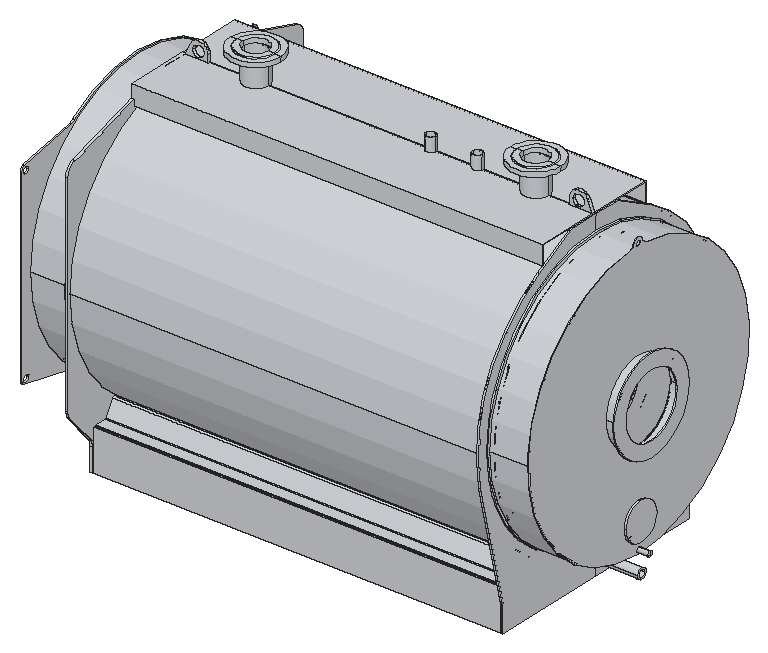
Revit family "BIMON_Котел_Водогрейный_TEMRON_WL800", category Оборудование, Revit 2019
Family settings
  Размер круглого соединителя = Использовать диаметр
  Классификация = Нет
  Тип детали = Нормальный
  На основе рабочей плоскости = Нет
  Всегда вертикально = Да
  При загрузке вырезать с полостями = Нет
  Общий = Нет
  Точка расчета площади = Нет
Parameters
  УГО_Резмер [instance] = 0 mm
  УГО [instance] = yes
  Разработчик_Сайт = "https://www.bimon.ru/"
  Разработчик = "BIMON"  # constant formula
  Изготовитель = "Temron"  # constant formula
  URL = "https://temron.ru/catalog/temron-wl/main-wl/"
  TERMON_Расход уходящих газов = "1285 кг/ч"
  TEMRON_Теплопроизводительность = "0.8 МВт/0.687 (Гкал/ч)"
  TEMRON_Температура уходящих газов = "180-185 /185-190 °С"
  TEMRON_Температура на выходе из котла = "110 °С"
  TEMRON_Температура на входе в котёл = "60 °С"
  TEMRON_Сопротивление газового тракта = "7 мбар"
  TEMRON_Расход топлива для природного газа = "88 м³/ч"
  TEMRON_Расход воды через котел = "24.7 м³/ч"
  TEMRON_Номинальная производительность = "0.8 МВт"
  TEMRON_Максимальное рабочее давление = "0.6 МПа"
  TEMRON_Максимальная температура пара = 110 mm
  TEMRON_КПД = "92.2 %"
  TEMRON_Водяной объём котла = "0.8 м³"
  D5_Уходящие газы = 350 mm  # constant formula
  D4_Дренажный патрубок газового котла = 15 mm  # constant formula
  D3_Дренажный патрубок = 32 mm  # constant formula
  D2_Аварийная линия = 32 mm  # constant formula
  D1_Выход теплоносителя = 100 mm  # constant formula
  D1_Вход теплоносителя = 100 mm  # constant formula
  ADSK_Этаж [instance] = ""
  ADSK_Расход жидкости [instance] = 0.0 L/s
  ADSK_Расход воздуха [instance] = 0.0 L/s
  ADSK_Примечание [instance] = ""
  ADSK_Позиция [instance] = ""
  ADSK_Обозначение = ADSK_Марка  # "WL 800"
  ADSK_Наименование краткое [instance] = "Котел низкого давления"
  ADSK_Наименование = "Водогрейный котел низкого давления"
  ADSK_Материал = none
  ADSK_Масса_Текст = "1403"
  ADSK_Масса = 1403  # constant formula
  ADSK_Марка = "WL 800"  # constant formula
  ADSK_Количество = 1  # constant formula
  ADSK_Код изделия = ""
  ADSK_Завод-изготовитель = "Temron"  # constant formula
  ADSK_Единица измерения = "шт"  # constant formula
  ADSK_URL страницы изделия = "https://temron.ru/catalog/temron-wl/vodogreynye-kotly-nizkogo-davleniya-temron-wl-800/"
Reference planes
  plane 1 "По центру (Вперед/Назад)": y = 0
  plane 2: z = 0
  plane 3 "По центру (Влево/Вправо)": x = 0
  plane 4: z = 1318.288
  plane 5: z = 1311
  plane 6: z = 1390
  plane 7: z = 1392
  plane 8: z = 1318.288
  plane 9: z = 740
  plane 10: z = 740
  plane 11: z = 740
  plane 12: z = 740
  plane 13: z = 740
  plane 14: x = -375
  plane 15: z = 740
Forms (mm)
  Extrusion 1, solid, detail levels fine
    sketch origin (0, 0, -310) x (0, 1, 0) y (0, 0, 1)
      loop
        circle (0, 1050) r 582.5
      loop
        circle (0, 1050) r 565
    from -1250 to 500
  Extrusion 2, solid, detail levels fine
    sketch origin (-1260, 1234.069, 890) x (0, 1, 0) y (0, 0, 1)
      loop
        circle (-1236.366, -150) r 621
      loop
        circle (-1236.366, -150) r 621.5
    from 0 to -10
  Extrusion 3, solid, detail levels fine
    sketch origin (-1260, 1234.069, 890) x (0, 1, 0) y (0, 0, 1)
      loop
        circle (-1234.069, -150) r 621
      loop
        circle (-1234.069, -150) r 140
    from 0 to -1
  Extrusion 4, solid, detail levels fine
    sketch origin (508.214, 1168.888, 890) x (0, 1, 0) y (0, 0, 1)
      loop
        circle (-1168.888, -150) r 565
      loop
        circle (-1168.888, -150) r 590
    from 0 to 10
  Extrusion 5, solid, detail levels fine
    sketch origin (508, 1168.888, 890) x (0, 1, 0) y (0, 0, 1)
      loop
        circle (-1168.888, -150) r 565
      loop
        circle (-1168.888, -150) r 175
    from 0 to 10
  Extrusion 6, solid, detail levels fine
    sketch origin (510, -3521.357, 2134.673) x (0, 1, 0) y (0, 0, 1)
      loop
        line (3521.357, -744.674) -> (3521.357, -804.673)
        arc (3521.357, -804.673) -> (4111.357, -1394.673) -> (3521.357, -1984.673) r 590
        line (3521.357, -1984.673) -> (3521.357, -2029.673)
        arc (3521.357, -2029.673) -> (3546.357, -2054.673) -> (3521.357, -2079.673) r 25
        line (3521.357, -2079.673) -> (3521.357, -2134.673) -> (4021.357, -2134.673) -> (4021.357, -2034.673)
        arc (4021.357, -2034.673) -> (4021.652, -2029.254) -> (4022.532, -2023.898) r 50
        line (4022.532, -2023.898) -> (4136.554, -1530.442)
        arc (4136.554, -1530.442) -> (4094.512, -1133.151) -> (3821.984, -841.028) r 630
        line (3821.984, -841.028) -> (3655.695, -750.733)
        arc (3655.695, -750.733) -> (3644.144, -746.212) -> (3631.835, -744.673) r 50
        line (3631.835, -744.673) -> (3521.357, -744.674)
    from -2 to -10
  Extrusion 7, solid, detail levels fine
    sketch origin (-1260, 1234.069, 1265) x (0, 1, 0) y (0, 0, 1)
      loop
        line (-798.069, -1265) -> (-734.069, -1265) -> (-734.069, -1090) -> (-798.069, -1090) -> (-798.069, -1096) -> (-747.574, -1096)
        arc (-747.574, -1096) -> (-741.564, -1098.49) -> (-739.069, -1104.5) r 8.5
        line (-739.069, -1104.5) -> (-739.069, -1248.1)
        arc (-739.069, -1248.1) -> (-741.559, -1254.11) -> (-747.569, -1256.6) r 8.5
        line (-747.569, -1256.6) -> (-798.069, -1256.6) -> (-798.069, -1265)
      loop
        line (-1670.069, -1265) -> (-1670.069, -1256.6) -> (-1720.569, -1256.6)
        arc (-1720.569, -1256.6) -> (-1726.579, -1254.11) -> (-1729.069, -1248.1) r 8.5
        line (-1729.069, -1248.1) -> (-1729.069, -1104.5)
        arc (-1729.069, -1104.5) -> (-1726.574, -1098.49) -> (-1720.564, -1096) r 8.5
        line (-1720.564, -1096) -> (-1670.069, -1096) -> (-1670.069, -1090) -> (-1734.069, -1090) -> (-1734.069, -1265) -> (-1670.069, -1265)
    from 10 to 1760
  Sweep 8, solid, detail levels fine
    path origin (-240, 0, -374.979) x (1, 0, 0) y (0, 0, 1)
      loop
        line (600, 579.979) -> (600, 529.979)
        arc (600, 529.979) -> (621.967, 476.946) -> (675, 454.979) r 75
        line (675, 454.979) -> (945, 454.979)
    profile origin (360, 0, 180) x (0, -1, 0) y (1, 0, 0)
      loop
        circle (0, 0) r 21
      loop
        circle (0, 0) r 18
  Extrusion 9, solid, detail levels fine
    sketch origin (-1260, 1234.069, 890) x (0, 1, 0) y (0, 0, 1)
      loop
        circle (-1236.366, -150) r 621.5
      loop
        circle (-1236.366, -150) r 621
    from 0 to 1760
  Extrusion 10, solid, detail levels fine
    sketch origin (-1260, 1234.069, 646) x (0, 1, 0) y (0, 0, 1)
      loop
        line (-957.069, 665) -> (-957.069, 746) -> (-1233.069, 746) -> (-1233.069, 730) -> (-1231.069, 730) -> (-1231.069, 744) -> (-959.069, 744) -> (-959.069, 665) -> (-957.069, 665)
      loop
        line (-1237.065, 730) -> (-1235.065, 730) -> (-1235.065, 746) -> (-1511.069, 746) -> (-1511.069, 665) -> (-1509.069, 665) -> (-1509.069, 744) -> (-1237.065, 744) -> (-1237.065, 730)
    from 1760 to 0
  Extrusion 11, solid, detail levels fine
    sketch origin (-1260, 1234.069, 1265) x (0, 1, 0) y (0, 0, 1)
      loop
        line (-745.069, -1087) -> (-800.069, -1087)
        arc (-800.069, -1087) -> (-802.569, -1086.33) -> (-804.399, -1084.5) r 5
        line (-804.399, -1084.5) -> (-839.438, -1023.811)
        arc (-839.438, -1023.811) -> (-844.306, -1020.088) -> (-850.38, -1020.902) r 8
        line (-850.38, -1020.902) -> (-885.002, -1040.891) -> (-883.502, -1043.489) -> (-848.861, -1023.489)
        arc (-848.861, -1023.489) -> (-845.067, -1022.99) -> (-842.031, -1025.32) r 5
        line (-842.031, -1025.32) -> (-806.989, -1086)
        arc (-806.989, -1086) -> (-804.061, -1088.928) -> (-800.061, -1090) r 8
        line (-800.061, -1090) -> (-745.069, -1090) -> (-745.069, -1087)
      loop
        line (-1723.069, -1087) -> (-1723.069, -1090) -> (-1668.077, -1090)
        arc (-1668.077, -1090) -> (-1664.077, -1088.928) -> (-1661.149, -1086) r 8
        line (-1661.149, -1086) -> (-1626.107, -1025.32)
        arc (-1626.107, -1025.32) -> (-1623.071, -1022.99) -> (-1619.277, -1023.489) r 5
        line (-1619.277, -1023.489) -> (-1584.636, -1043.489) -> (-1583.136, -1040.891) -> (-1617.758, -1020.902)
        arc (-1617.758, -1020.902) -> (-1623.832, -1020.088) -> (-1628.7, -1023.811) r 8
        line (-1628.7, -1023.811) -> (-1663.739, -1084.5)
        arc (-1663.739, -1084.5) -> (-1665.569, -1086.33) -> (-1668.069, -1087) r 5
        line (-1668.069, -1087) -> (-1723.069, -1087)
    from 10 to 1760
  Revolve 12, solid, detail levels fine
    sketch origin (-240, 0, -310) x (1, 0, 0) y (0, 0, 1)
      loop
        line (-1021, 700) -> (-1021, 692) -> (463.215, 692) -> (486, 692)
        spline (486, 692) -> (510.878, 695.26) -> (535.07, 704.874) -> (558.074, 720.482) -> (579.547, 741.654) -> (599.236, 767.959) -> (616.899, 798.937) -> (632.306, 834.068) -> (645.24, 872.782) -> (655.512, 914.439) -> (662.966, 958.351) -> (667.485, 1003.79) -> (669, 1050)
        line (669, 1050) -> (661, 1050)
        spline (661, 1050) -> (659.503, 1004.316) -> (655.037, 959.413) -> (647.679, 916.061) -> (637.554, 875) -> (624.837, 836.933) -> (609.744, 802.513) -> (592.533, 772.326) -> (573.5, 746.891) -> (552.97, 726.642) -> (531.293, 711.926) -> (508.842, 702.994) -> (486, 700)
        line (486, 700) -> (-1021, 700)
      axis (-1021, 1050) -> (669, 1050)
    angle from 0 to 360
  Revolve 13, solid, detail levels fine
    sketch origin (0, 0, -310) x (1, 0, 0) y (0, 0, 1)
      loop
        line (518, 1341) -> (343, 1341) -> (359.206, 1309) -> (518, 1309) -> (518, 1327.442) -> (518, 1341)
      axis (343, 1050) -> (518, 1050)
    angle from 0 to 360
  Extrusion 14, solid, detail levels fine
    sketch origin (-4343.688, -1524, 847) x (-1, 0, 0) y (0, -1, 0)
      loop
        circle (-4143.688, -1524) r 19.45
      loop
        circle (-4143.688, -1524) r 20.95
    from 448 to 600
  Extrusion 15, void
    sketch origin (-1475.315, -1524, 1384.386) x (0, -1, 0) y (-1, 0, 0)
      loop
        circle (-1524, -1715.315) r 22.5
    from -152.304 to 89.386
  Revolve 16, solid, detail levels fine
    sketch origin (0, 0, -310) x (1, 0, 0) y (0, 0, 1)
      loop
        line (544.575, 1238.5) -> (398.657, 1238.5) -> (398.657, 1050) -> (406.657, 1050) -> (406.657, 1229.503) -> (544.575, 1229.503) -> (544.575, 1238.5)
      axis (544.575, 1050) -> (398.657, 1050)
    angle from 0 to 360
  Extrusion 17, solid, detail levels fine
    sketch origin (-1160, 0, 1546.988) x (1, 0, 0) y (0, 0, -1)
      loop
        line (-90, 235.988) -> (-90, 160.988) -> (-66.374, 109.347)
        arc (-66.374, 109.347) -> (-21.484, 86.905) -> (10, 125.988) r 40
        line (10, 125.988) -> (10, 235.988) -> (-90, 235.988)
      loop
        circle (-30, 125.988) r 25
    from -5 to 5
  Extrusion 18, solid, detail levels fine
    sketch origin (-1570, 0, 740) x (0, 1, 0) y (0, 0, 1)
      loop
        circle (0, 0) r 582.5
      loop
        circle (0, 0) r 588.5
    from 123 to 300
  Revolve 19, solid, detail levels fine
    sketch origin (-1570, 0, 740) x (1, 0, 0) y (0, 0, 1)
      loop
        line (300, -582.499) -> (300, -552.499) -> (239.893, -552.499) -> (126, -552.499)
        arc (126, -552.499) -> (123.879, -553.378) -> (123, -555.499) r 3
        line (123, -555.499) -> (123, -582.499) -> (300, -582.499)
      axis (123, 0) -> (300, 0)
    angle from 0 to 360
  Extrusion 20, solid, detail levels fine
    sketch origin (-1447, 0, 740) x (0, 1, 0) y (0, 0, 1)
      loop
        arc (365.527, 469.26) -> (355.4, 472.478) -> (346.182, 477.763) r 50
        arc (346.182, 477.763) -> (0, 589.999) -> (-346.182, 477.763) r 589.999
        arc (-346.182, 477.763) -> (-355.4, 472.478) -> (-365.527, 469.26) r 50
        line (-365.527, 469.26) -> (-613.997, 419.597)
        arc (-613.997, 419.597) -> (-625.491, 412.65) -> (-630, 400) r 20
        line (-630, 400) -> (-630, -400)
        arc (-630, -400) -> (-625.491, -412.65) -> (-613.997, -419.597) r 20
        line (-613.997, -419.597) -> (-365.527, -469.26)
        arc (-365.527, -469.26) -> (-355.4, -472.477) -> (-346.182, -477.762) r 50
        arc (-346.182, -477.762) -> (0, -589.999) -> (346.182, -477.762) r 589.999
        arc (346.182, -477.762) -> (355.4, -472.477) -> (365.527, -469.26) r 50
        line (365.527, -469.26) -> (613.997, -419.597)
        arc (613.997, -419.597) -> (625.491, -412.65) -> (630, -400) r 20
        line (630, -400) -> (630, 400.699)
        arc (630, 400.699) -> (625.28, 412.919) -> (614.01, 419.597) r 20
        line (614.01, 419.597) -> (365.527, 469.26)
      loop
        circle (610.012, 400) r 16
      loop
        circle (610, -400) r 16
      loop
        circle (-610, -400) r 16
      loop
        circle (-610, 400) r 16
      loop
        circle (-0.5, 0) r 140
    from 0 to -8
  Extrusion 21, solid, detail levels fine
    sketch origin (-1165.3, -1524, 1773.003) x (0, 0, 1) y (0, -1, 0)
      loop
        circle (-1033.003, -1524) r 175
      loop
        circle (-1033.003, -1524) r 200
    from -297.736 to -289.7
  Extrusion 22, solid, detail levels fine
    sketch origin (-1173.336, -1524, 1773.003) x (0, 0, 1) y (0, -1, 0)
      loop
        circle (-1033.003, -1523.5) r 200
    from -299.664 to -289.7
  Extrusion 23, solid, detail levels fine
    sketch origin (775, 0, 739.999) x (0, -1, 0) y (0, 0, 1)
      loop
        circle (0, 0) r 582.5
      loop
        circle (0, 0) r 585.5
    from 88 to 252
  Revolve 24, solid, detail levels fine
    sketch origin (1285, 0, 740) x (-1, 0, 0) y (0, 0, 1)
      loop
        line (749, -582.501) -> (749, -555.501)
        arc (749, -555.501) -> (749.293, -554.794) -> (750, -554.501) r 1
        line (750, -554.501) -> (762, -554.501) -> (762, -552.501) -> (750, -552.501)
        arc (750, -552.501) -> (747.879, -553.379) -> (747, -555.501) r 3
        line (747, -555.501) -> (747, -582.501) -> (749, -582.501)
      axis (747, 0) -> (762, 0)
    angle from 0 to 360
  Extrusion 25, solid, detail levels fine
    sketch origin (687, 0, 740) x (0, -1, 0) y (0, 0, 1)
      loop
        arc (-24.651, 602.59) -> (-32.65, 592.903) -> (-44.352, 588.331) r 25
        arc (-44.352, 588.331) -> (0, -590) -> (44.352, 588.331) r 590
        arc (44.352, 588.331) -> (32.65, 592.903) -> (24.651, 602.59) r 25
        line (24.651, 602.59) -> (20.392, 611.723)
        arc (20.392, 611.723) -> (0, 624.714) -> (-20.392, 611.723) r 22.5
        line (-20.392, 611.723) -> (-24.651, 602.59)
      loop
        circle (0, 602.214) r 12.5
      loop
        circle (0, 0) r 175
      loop
        circle (0, -460) r 65
    from 0 to -3
  Extrusion 26, solid, detail levels fine
    sketch origin (687, 0, 740) x (0, -1, 0) y (0, 0, 1)
      loop
        circle (0, 0) r 172
      loop
        circle (0, 0) r 175
    from -3 to -53
  Extrusion 27, solid, detail levels fine
    sketch origin (687, 0, 740) x (0, -1, 0) y (0, 0, 1)
      loop
        circle (0, 0) r 200
      loop
        circle (0, 0) r 140
    from -59 to -53
  Revolve 28, solid, detail levels fine
    sketch origin (1285, 0, 740) x (-1, 0, 0) y (0, 0, 1)
      loop
        line (766.786, -552.501) -> (766.786, -582.501) -> (777.124, -582.501) -> (777.124, -552.501) -> (766.786, -552.501)
      axis (766.786, 0) -> (777.124, 0)
    angle from 0 to 360
  Extrusion 29, solid, detail levels fine
    sketch origin (410, 0, 1546.988) x (-1, 0, 0) y (0, 0, 1)
      loop
        line (-90, -235.988) -> (10, -235.988) -> (10, -125.988)
        arc (10, -125.988) -> (-21.484, -86.905) -> (-66.374, -109.347) r 40
        line (-66.374, -109.347) -> (-90, -160.988) -> (-90, -235.988)
      loop
        circle (-30, -125.988) r 25
    from -5 to 5
  Extrusion 30, solid, detail levels fine
    sketch origin (-950, 0, 1295) x (1, 0, 0) y (0, 1, 0)
      loop
        circle (0, 0) r 50
      loop
        circle (0, 0) r 54
    from 0 to 211.37
  Revolve 31, solid, detail levels fine
    sketch origin (-950, 0, 1311.63) x (1, 0, 0) y (0, 0, 1)
      loop
        line (-54, 190.37) -> (-54, 212.37) -> (-78.906, 212.37) -> (-81.906, 209.37) -> (-107.5, 209.37) -> (-107.5, 190.37) -> (-54, 190.37)
      axis (0, 212.37) -> (0, 190.37)
    angle from 0 to 360
  Extrusion 32, solid, detail levels fine
    sketch origin (-1260, 1234.069, 890) x (0, 1, 0) y (0, 0, 1)
      loop
        line (-1234.069, -890) -> (-1234.069, -740)
        arc (-1234.069, -740) -> (-1824.069, -149.894) -> (-1233.856, 440) r 590
        line (-1233.856, 440) -> (-1233.856, 500) -> (-1333.856, 500)
        arc (-1333.856, 500) -> (-1339.621, 499.667) -> (-1345.308, 498.671) r 50
        line (-1345.308, 498.671) -> (-1825.308, 348.671)
        arc (-1825.308, 348.671) -> (-1853.052, 331.043) -> (-1863.856, 300) r 50
        line (-1863.856, 300) -> (-1863.856, -600)
        arc (-1863.856, -600) -> (-1861.29, -615.811) -> (-1853.857, -629.999) r 50
        line (-1853.857, -629.999) -> (-1743.855, -760.009)
        arc (-1743.855, -760.009) -> (-1736.422, -774.197) -> (-1733.856, -790.008) r 50
        line (-1733.856, -790.008) -> (-1733.856, -890) -> (-1234.069, -890)
    from 0 to 10
  Extrusion 33, solid, detail levels fine
    sketch origin (510, 3521.357, 2134.673) x (0, -1, 0) y (0, 0, -1)
      loop
        line (3521.357, 744.674) -> (3631.835, 744.673)
        arc (3631.835, 744.673) -> (3644.144, 746.212) -> (3655.695, 750.733) r 50
        line (3655.695, 750.733) -> (3821.984, 841.028)
        arc (3821.984, 841.028) -> (4094.512, 1133.151) -> (4136.554, 1530.442) r 630
        line (4136.554, 1530.442) -> (4022.532, 2023.898)
        arc (4022.532, 2023.898) -> (4021.652, 2029.254) -> (4021.357, 2034.673) r 50
        line (4021.357, 2034.673) -> (4021.357, 2134.673) -> (3521.357, 2134.673) -> (3521.357, 2079.673)
        arc (3521.357, 2079.673) -> (3546.357, 2054.673) -> (3521.357, 2029.673) r 25
        line (3521.357, 2029.673) -> (3521.357, 1984.673)
        arc (3521.357, 1984.673) -> (4111.357, 1394.673) -> (3521.357, 804.673) r 590
        line (3521.357, 804.673) -> (3521.357, 744.674)
    from -2 to -10
  Extrusion 34, solid, detail levels fine
    sketch origin (-1260, -1234.069, 890) x (0, -1, 0) y (0, 0, -1)
      loop
        line (-1234.069, 890) -> (-1733.856, 890) -> (-1733.856, 790.008)
        arc (-1733.856, 790.008) -> (-1736.422, 774.197) -> (-1743.855, 760.009) r 50
        line (-1743.855, 760.009) -> (-1853.857, 629.999)
        arc (-1853.857, 629.999) -> (-1861.29, 615.811) -> (-1863.856, 600) r 50
        line (-1863.856, 600) -> (-1863.856, -300)
        arc (-1863.856, -300) -> (-1853.052, -331.043) -> (-1825.308, -348.671) r 50
        line (-1825.308, -348.671) -> (-1345.308, -498.671)
        arc (-1345.308, -498.671) -> (-1339.621, -499.667) -> (-1333.856, -500) r 50
        line (-1333.856, -500) -> (-1233.856, -500) -> (-1233.856, -440)
        arc (-1233.856, -440) -> (-1824.069, 149.894) -> (-1234.069, 740) r 590
        line (-1234.069, 740) -> (-1234.069, 890)
    from 0 to 10
  Extrusion 35, solid, detail levels fine
    sketch origin (690, 0, 740) x (0, 1, 0) y (0, 0, 1)
      loop
        circle (0, -460) r 80
      loop
        circle (0, -387.5) r 4.75
      loop
        circle (62.787, -496.25) r 4.75
      loop
        circle (-62.787, -496.25) r 4.75
    from 0 to 13
  Extrusion 36, solid, detail levels fine
    sketch origin (250, 0, 1295) x (1, 0, 0) y (0, 1, 0)
      loop
        circle (0, 0) r 50
      loop
        circle (0, 0) r 54
    from 0 to 211.37
  Revolve 37, solid, detail levels fine
    sketch origin (250, 0, 1311.63) x (1, 0, 0) y (0, 0, 1)
      loop
        line (-54, 190.37) -> (-54, 212.37) -> (-78.906, 212.37) -> (-81.906, 209.37) -> (-107.5, 209.37) -> (-107.5, 190.37) -> (-54, 190.37)
      axis (0, 212.37) -> (0, 190.37)
    angle from 0 to 360
  Extrusion 38, solid, detail levels fine
    sketch origin (-4143.688, -1524, 847) x (-1, 0, 0) y (0, -1, 0)
      loop
        circle (-4143.688, -1524) r 19.45
      loop
        circle (-4143.688, -1524) r 20.95
    from 448 to 600
  Sweep 39, solid, detail levels fine
    path origin (4.937, 0, 267.37) x (0.96527, 0, 0.261254) y (-0.261254, 0, 0.96527)
      loop
        line (-1191.542, 1169.05) -> (-1234.684, 1193.958)
    profile origin (-1474.717, 0, 1090.909) x (-0.256382, 0, -0.966575) y (0, -1, 0)
      loop
        circle (0, 0.103) r 17
  Sweep 40, solid, detail levels fine
    path origin (23.384, 0, 262.477) x (0.96527, 0, 0.261254) y (-0.261254, 0, 0.96527)
      loop
        line (-1251.212, 1203.5) -> (-1265.068, 1211.5)
    profile origin (-1506.525, 0, 1099.346) x (-0.256382, 0, -0.966575) y (0, -1, 0)
      loop
        circle (0, 0) r 20
  Revolve 41, solid, detail levels fine
    sketch origin (-1301.916, 0, 740) x (1, 0, 0) y (0, 0, 1)
      loop
        line (-145.084, 140) -> (31.916, 140) -> (31.916, 582.499) -> (-145.084, 582.499) -> (-145.084, 140)
      axis (31.916, 0) -> (-145.084, 0)
    angle from 0 to 360
  Revolve 42, solid
    sketch origin (-86, 0, -1.821) x (1, 0, 0) y (0, 0, 1)
      loop
        line (776, 169.32) -> (826, 169.32) -> (826, 179.32) -> (776, 179.32) -> (776, 169.32)
      axis (776, 169.32) -> (826, 169.32)
    angle from 0 to 360
Cuts and joins
  Extrusion 15 cuts Extrusion 10
Lines and regions (mm)
  model lines, detail levels coarse+medium
    curve 1: line (-1571.463, 0, 1940) -> (828.537, 0, 1940)
    curve 2: line (-1571.463, 0, -460) -> (-1571.463, 0, 1940)
    curve 3: line (828.537, 0, -460) -> (-1571.463, 0, -460)
    curve 4: line (828.537, 0, 1940) -> (828.537, 0, -460)
Dimensions and locks
  plane 9 to level = 740 mm
  plane 11 to level = 740 mm
  plane 12 to level = 740 mm
  plane 13 to level = 740 mm
  Revolve 41 sketch curve to Revolve 41 sketch curve = 140 mm
  Revolve 41 sketch curve to Revolve 41 sketch curve = 582.499 mm
  diameter of Extrusion 1 sketch curve = 1165 mm
  diameter of Extrusion 1 sketch curve = 1130 mm
  diameter of Extrusion 4 sketch curve = 1130 mm
  diameter of Extrusion 23 sketch curve = 1165 mm
  aligned and locked: level to plane 2
  aligned and locked: Extrusion 7 to Extrusion 1
  aligned and locked: Extrusion 1 to Extrusion 7
Nested families
  nested 1: "Надпись_Temron_крышка_WL800" at (-1455, -321, 1045) x (0, -1, 0) z (1, 0, 0), type "Надпись_Temron_крышка_WL800", detail levels fine
  nested 2: "Надпись_Temron_бак_WL800" at (-375, -0.5, 740) x (-1, 0, 0) z (0, 0, 1), type "Надпись_Temron_бак_WL800", detail levels fine
  nested 3: "УГО_Котел_Разрез" at (-375, 0, 0), visible <- "УГО", type "УГО_Котел_Разрез", detail levels coarse+medium
    with H 2400 mm
Connectors
  piping at (740, 0, 167.499), diameter 15, driven by "D4_Дренажный патрубок газового котла"
    settings: on Revolve 42, index 11, connector inside diameter 609.6 mm, connector length 0 mm, flow factor 0, pipe flow 0.0 L/s, pressure drop 0.0 Pa, fitting loss kfactor 0, connector angle 0.00°, fixture units 0, engagement length 0 mm, angle of deflection 0.00°, flow configuration 1, flow direction 1, fitting loss method 0, system type 29, joint type 0, gender type 0, connector reference index -1, connector utility 0, adjustable connector no, is connector primary yes, connector description ""
  piping at (-950, 0, 1506.37), diameter 100, driven by "D1_Выход теплоносителя"
    settings: on Extrusion 30, index 12, connector inside diameter 609.6 mm, connector length 0 mm, flow factor 0, pipe flow 0.0 L/s, pressure drop 0.0 Pa, fitting loss kfactor 0, connector angle 0.00°, fixture units 0, engagement length 0 mm, angle of deflection 0.00°, flow configuration 0, flow direction 0, fitting loss method 0, system type 29, joint type 0, gender type 0, connector reference index -1, connector utility 0, adjustable connector no, is connector primary no, connector description ""
  piping at (-200, 0, 1447), diameter 32, driven by "D2_Аварийная линия"
    settings: on Extrusion 14, index 13, connector inside diameter 609.6 mm, connector length 0 mm, flow factor 0, pipe flow 0.0 L/s, pressure drop 0.0 Pa, fitting loss kfactor 0, connector angle 0.00°, fixture units 0, engagement length 0 mm, angle of deflection 0.00°, flow configuration 0, flow direction 0, fitting loss method 0, system type 29, joint type 0, gender type 0, connector reference index -1, connector utility 0, adjustable connector no, is connector primary no, connector description ""
  piping at (0, 0, 1447), diameter 32, driven by "D2_Аварийная линия"
    settings: on Extrusion 38, index 14, connector inside diameter 609.6 mm, connector length 0 mm, flow factor 0, pipe flow 0.0 L/s, pressure drop 0.0 Pa, fitting loss kfactor 0, connector angle 0.00°, fixture units 0, engagement length 0 mm, angle of deflection 0.00°, flow configuration 0, flow direction 0, fitting loss method 0, system type 29, joint type 0, gender type 0, connector reference index -1, connector utility 0, adjustable connector no, is connector primary no, connector description ""
  piping at (250, 0, 1506.37), diameter 100, driven by "D1_Вход теплоносителя"
    settings: on Extrusion 36, index 15, connector inside diameter 609.6 mm, connector length 0 mm, flow factor 0, pipe flow 0.0 L/s, pressure drop 0.0 Pa, fitting loss kfactor 0, connector angle 0.00°, fixture units 0, engagement length 0 mm, angle of deflection 0.00°, flow configuration 0, flow direction 0, fitting loss method 0, system type 29, joint type 0, gender type 0, connector reference index -1, connector utility 0, adjustable connector no, is connector primary no, connector description ""
  piping at (705, 0, 80), diameter 32, driven by "D3_Дренажный патрубок"
    settings: on Sweep 8, index 16, connector inside diameter 609.6 mm, connector length 0 mm, flow factor 0, pipe flow 0.0 L/s, pressure drop 0.0 Pa, fitting loss kfactor 0, connector angle 0.00°, fixture units 0, engagement length 0 mm, angle of deflection 0.00°, flow configuration 1, flow direction 1, fitting loss method 0, system type 29, joint type 0, gender type 0, connector reference index -1, connector utility 0, adjustable connector no, is connector primary no, connector description ""
  hvac at (746, 0, 740), driven by "D5_Уходящие газы"
    settings: on Extrusion 27, index 17, duct flow 0.0 L/s, flow factor 0, pres drop 0.0 Pa, loss coef 0, conn angle 0.00°, conn width 304.8 mm, conn height 304.8 mm, conn diameter 350 mm, duct sys type 29, conn prof type 0, flow config 1, flow direction 2, loss method 0, conn ref index -1, conn util no, is conn primary yes, conn desc ""
Definition of nested family "Надпись_Temron_крышка_WL800"
  Parameters (values of type "Надпись_Temron_крышка_WL500")
    Default Elevation = 1219.2 mm
    Красный = none
    Белый = none
  Reference planes
    plane 1 "По центру (Вперед/Назад)": y = 0
    plane 2: z = 0
    plane 3 "По центру (Влево/Вправо)": x = 0
    plane 4: z = -0.5
    plane 5: z = -1
  Forms (mm)
    Extrusion 1, solid
      sketch origin (0, 0, 0) x (1, 0, 0) y (0, 1, 0)
        loop
          line (-1219.2, 1219.2) -> (-1219.2, -1219.2) -> (1300.204, -1219.2) -> (1300.204, 1219.2) -> (-1219.2, 1219.2)
      from 0 to -304.8
    Extrusion 2, solid, material <- "Белый"
      sketch origin (0, 0, 0) x (1, 0, 0) y (0, 1, 0)
        loop
          line (-150, 36.22) -> (-150, -36.22) -> (150, -36.22) -> (150, 36.22) -> (-150, 36.22)
      from -0.5 to 0
    Extrusion 3, solid, material <- "Красный"
      sketch origin (0, 0, 0) x (1, 0, 0) y (0, 1, 0)
        loop
          line (-150, -21.546) -> (-107.313, -21.546) -> (-107.313, -12.491) -> (-120.248, -12.491) -> (-120.248, 22.435) -> (-125.422, 22.435) -> (-131.89, 22.435) -> (-131.89, -12.491) -> (-150, -12.491) -> (-150, -21.546)
        loop
          line (-100.647, -21.546) -> (-69.471, -21.546) -> (-69.471, -12.491) -> (-90.168, -12.491) -> (-90.168, -3.436) -> (-72.058, -3.436) -> (-72.058, 4.325) -> (-90.168, 4.325) -> (-90.168, 13.38) -> (-69.471, 13.38) -> (-69.471, 22.435) -> (-100.647, 22.435) -> (-100.647, -21.546)
        loop
          line (-61.763, -21.546) -> (-49.852, -21.546) -> (-37.893, -4.466) -> (-25.526, -21.546) -> (-13.901, -21.546) -> (-13.901, 22.435) -> (-13.901, 36.22) -> (-25.543, 36.22) -> (-25.543, -3.436) -> (-34.749, 9.279) -> (-41.217, 9.279) -> (-50.12, -3.436) -> (-50.12, 22.435) -> (-61.763, 22.435) -> (-61.763, -21.546)
        loop
          line (-4.868, -21.546) -> (20.529, -21.546)
          spline (20.529, -21.546) -> (23.36, -20.809) -> (25.985, -19.266) -> (28.246, -17.012) -> (30.005, -14.181) -> (31.157, -10.946) -> (31.631, -7.503) -> (31.399, -4.059) -> (30.475, -0.824) -> (28.914, 2.006) -> (26.812, 4.261) -> (24.295, 5.804) -> (21.516, 6.541)
          line (21.516, 6.541) -> (32.646, 22.435) -> (21.16, 22.435) -> (12.54, 10.124)
          arc (12.54, 10.124) -> (8.195, 8.649) -> (5.481, 12.35) r 3.881
          line (5.481, 12.35) -> (5.481, 22.435) -> (-4.868, 22.435) -> (-4.868, -21.546)
        loop
          line (89.798, -21.546) -> (100.146, -21.546) -> (120.809, 7.963) -> (120.809, -21.546) -> (132.451, -21.546) -> (132.451, 22.435) -> (117.814, 22.435) -> (101.44, -0.95) -> (101.44, 22.435) -> (89.798, 22.435) -> (89.798, -21.546)
        loop
          line (5.481, 0) -> (5.481, -11.642) -> (14.679, -11.642)
          arc (14.679, -11.642) -> (20.5, -5.821) -> (14.679, 0) r 5.821
          line (14.679, 0) -> (5.481, 0)
        loop
          spline (59.714, -13.38) -> (62.728, -12.924) -> (65.535, -11.587) -> (67.947, -9.461) -> (69.797, -6.69) -> (70.96, -3.463) -> (71.356, 0) -> (70.96, 3.463) -> (69.797, 6.69) -> (67.947, 9.461) -> (65.535, 11.587) -> (62.728, 12.924) -> (59.714, 13.38)
          spline (59.714, 13.38) -> (56.701, 12.924) -> (53.893, 11.587) -> (51.482, 9.461) -> (49.632, 6.69) -> (48.469, 3.463) -> (48.072, 0) -> (48.469, -3.463) -> (49.632, -6.69) -> (51.482, -9.461) -> (53.893, -11.587) -> (56.701, -12.924) -> (59.714, -13.38)
        loop
          spline (59.714, -22.435) -> (65.406, -21.671) -> (70.71, -19.429) -> (75.264, -15.864) -> (78.759, -11.217) -> (80.956, -5.807) -> (81.705, 0) -> (80.956, 5.807) -> (78.759, 11.217) -> (75.264, 15.864) -> (70.71, 19.429) -> (65.406, 21.671) -> (59.714, 22.435)
          spline (59.714, 22.435) -> (54.023, 21.671) -> (48.719, 19.429) -> (44.165, 15.864) -> (40.67, 11.217) -> (38.473, 5.807) -> (37.724, 0) -> (38.473, -5.807) -> (40.67, -11.217) -> (44.165, -15.864) -> (48.719, -19.429) -> (54.023, -21.671) -> (59.714, -22.435)
      from -0.5 to -1
  Dimensions and locks
    level to plane 4 = 0.5 mm
    level to plane 5 = 1 mm
    aligned and locked: plane 2 to Extrusion 1
    aligned and locked: level to Extrusion 1
    aligned and locked: level to Extrusion 2
    aligned and locked: Extrusion 2 to plane 4
    aligned and locked: Extrusion 2 to Extrusion 3
    aligned and locked: Extrusion 3 to plane 5
Definition of nested family "Надпись_Temron_бак_WL800"
  Parameters (values of type "Надпись_Temron_бак_WL500")
    Default Elevation = 1219.2 mm
    Красный = none
  Reference planes
    plane 1 "По центру (Вперед/Назад)": y = 0
    plane 2: z = 0
    plane 3 "По центру (Влево/Вправо)": x = 0
    plane 4: x = -600
    plane 5: x = 600
    plane 6: z = 150
    plane 7: z = -150
    plane 8: y = -300
  Forms (mm)
    Extrusion 1, solid, material <- "Красный"
      sketch origin (4267.2, -300, 603.455) x (0, 0, 1) y (1, 0, 0)
        loop
          line (-418.455, -5007.2) -> (-418.455, -3527.2) -> (-788.455, -3527.2) -> (-788.455, -4315.716) -> (-724.405, -4315.716) -> (-500.949, -4315.716) -> (-500.949, -4374.783) -> (-587.727, -4437.613) -> (-500.949, -4498.375) -> (-500.949, -4558.889) -> (-724.405, -4558.889) -> (-724.405, -4499.739) -> (-592.96, -4499.739) -> (-657.564, -4454.503) -> (-657.564, -4421.641) -> (-592.96, -4374.866) -> (-788.455, -4374.866) -> (-788.455, -5007.2) -> (-546.955, -5007.2) -> (-546.955, -4915.189) -> (-724.405, -4915.189) -> (-724.405, -4856.039) -> (-546.955, -4856.039) -> (-546.955, -4790.316) -> (-500.949, -4790.316) -> (-500.949, -5007.2) -> (-418.455, -5007.2)
        loop
          line (-500.949, -4756.449) -> (-500.949, -4598.053) -> (-546.955, -4598.053) -> (-546.955, -4703.208) -> (-592.96, -4703.208) -> (-592.96, -4611.197) -> (-632.394, -4611.197) -> (-632.394, -4703.208) -> (-678.399, -4703.208) -> (-678.399, -4598.053) -> (-724.405, -4598.053) -> (-724.405, -4756.449) -> (-500.949, -4756.449)
        loop
          line (-724.405, -4269.821) -> (-500.949, -4269.821) -> (-500.949, -4140.786)
          spline (-500.949, -4140.786) -> (-504.693, -4126.404) -> (-512.531, -4113.067) -> (-523.987, -4101.581) -> (-538.369, -4092.641) -> (-554.805, -4086.79) -> (-572.299, -4084.381) -> (-589.794, -4085.561) -> (-606.23, -4090.257) -> (-620.611, -4098.185) -> (-632.068, -4108.866) -> (-639.905, -4121.653) -> (-643.65, -4135.771)
          line (-643.65, -4135.771) -> (-724.405, -4079.226) -> (-724.405, -4137.579) -> (-661.858, -4181.375)
          arc (-661.858, -4181.375) -> (-654.363, -4203.455) -> (-673.167, -4217.243) r 19.717
          line (-673.167, -4217.243) -> (-724.405, -4217.243) -> (-724.405, -4269.821)
        loop
          arc (-551.268, -4170.511) -> (-580.843, -4140.936) -> (-610.418, -4170.511) r 29.575
          line (-610.418, -4170.511) -> (-610.418, -4217.243) -> (-551.268, -4217.243) -> (-551.268, -4170.511)
        loop
          spline (-542.438, -3941.696) -> (-544.754, -3926.387) -> (-551.545, -3912.121) -> (-562.349, -3899.871) -> (-576.428, -3890.471) -> (-592.824, -3884.562) -> (-610.418, -3882.546) -> (-628.013, -3884.562) -> (-644.409, -3890.471) -> (-658.488, -3899.871) -> (-669.291, -3912.121) -> (-676.083, -3926.387) -> (-678.399, -3941.696)
          spline (-678.399, -3941.696) -> (-676.083, -3957.006) -> (-669.291, -3971.272) -> (-658.488, -3983.522) -> (-644.409, -3992.922) -> (-628.013, -3998.831) -> (-610.418, -4000.847) -> (-592.824, -3998.831) -> (-576.428, -3992.922) -> (-562.349, -3983.522) -> (-551.545, -3971.272) -> (-544.754, -3957.006) -> (-542.438, -3941.696)
        loop
          spline (-496.432, -3941.696) -> (-500.316, -3912.779) -> (-511.703, -3885.833) -> (-529.818, -3862.693) -> (-553.425, -3844.937) -> (-580.917, -3833.776) -> (-610.418, -3829.969) -> (-639.92, -3833.776) -> (-667.412, -3844.937) -> (-691.019, -3862.693) -> (-709.133, -3885.833) -> (-720.521, -3912.779) -> (-724.405, -3941.696)
          spline (-724.405, -3941.696) -> (-720.521, -3970.614) -> (-709.133, -3997.56) -> (-691.019, -4020.7) -> (-667.412, -4038.456) -> (-639.92, -4049.617) -> (-610.418, -4053.424) -> (-580.917, -4049.617) -> (-553.425, -4038.456) -> (-529.818, -4020.7) -> (-511.703, -3997.56) -> (-500.316, -3970.614) -> (-496.432, -3941.696)
        loop
          line (-724.405, -3788.85) -> (-500.949, -3788.85) -> (-500.949, -3736.272) -> (-650.876, -3631.292) -> (-500.949, -3631.292) -> (-500.949, -3572.142) -> (-724.405, -3572.142) -> (-724.405, -3646.507) -> (-605.594, -3729.7) -> (-724.405, -3729.7) -> (-724.405, -3788.85)
      from 0 to -462.513
    Extrusion 2, void
      sketch origin (0, 366.649, -506.998) x (0, 1, 0) y (0, 0, 1)
        loop
          circle (-366.649, 506.998) r 621.5
      from -1351.217 to 1540.529
    Extrusion 3, void
      sketch origin (0, 0, 0) x (0, 1, 0) y (0, 0, 1)
        loop
          circle (0, 0) r 622.5
        loop
          circle (0, 0) r 860
      from -1499.991 to 995.39
  Cuts and joins
    Extrusion 2, Extrusion 3 cuts Extrusion 1
  Dimensions and locks
    plane 5 to plane 3 "По центру (Влево/Вправо)" to plane 4 = 600 mm, 600 mm
    plane 6 to level = 150 mm
    level to plane 7 = 150 mm
    plane 8 to plane 1 "По центру (Вперед/Назад)" = 300 mm
    aligned and locked: level to plane 2
Definition of nested family "УГО_Котел_Разрез"
  Parameters (values of type "УГО_Котел_Разрез")
    H [instance] = 250 mm
  Reference planes
    plane 1 "По центру (Вперед/Назад)": y = 0
    plane 2: z = 0
    plane 3 "По центру (Влево/Вправо)": x = 0
  Lines and regions (mm)
    detail lines, in view "Опорный уровень"
      curve 1: line (-125, 125, 0) -> (125, 125, 0)
      curve 2: line (-125, -125, 0) -> (-125, 125, 0)
      curve 3: line (125, -125, 0) -> (-125, -125, 0)
      curve 4: line (125, 125, 0) -> (125, -125, 0)
  Dimensions and locks
    equal spacing: curve 2, plane 3 "По центру (Влево/Вправо)", curve 4
    equal spacing: curve 3, plane 1 "По центру (Вперед/Назад)", curve 1
    "H": curve 1 to curve 3
    "H": curve 2 to curve 4
